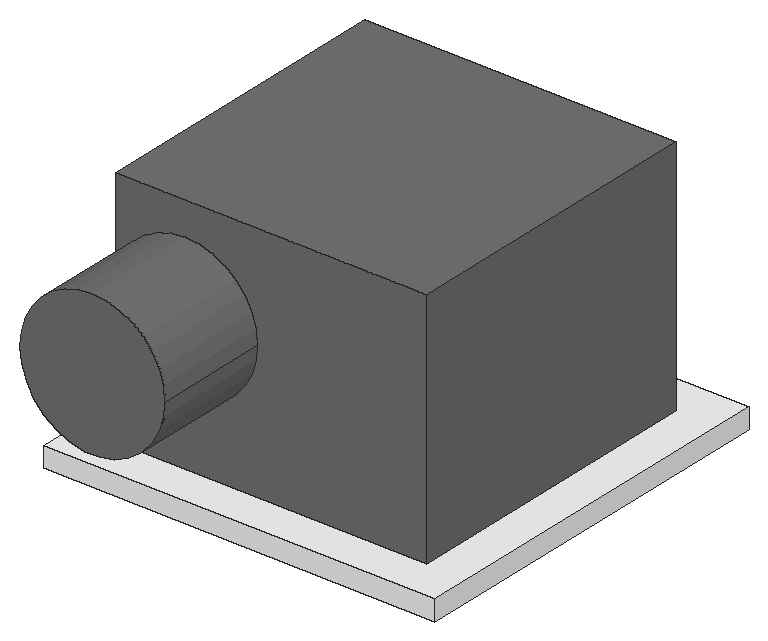
Revit family "vd-10_20zac14_50Hz", category 機械設備, Revit 2019
Family settings
  丸型コネクタ寸法 = 直径を使用
  パーツ タイプ = 標準
  OmniClass 番号 = 23.75.35.17.27
  OmniClass タイトル = Centrifugal Fans
  作業面ベース = いいえ
  常に垂直 = はい
  ロード時にボイドで切り取り = いいえ
  共有 = いいえ
  部屋計算ポイント = はい
Parameters (values of type "VD-20ZAC14")
  騒音レベル(dB(A)) [instance] = 39
  風量 [instance] = 420.0 m³/h
  電源種別 [instance] = ""
  電圧 = 100 V
  電動機出力 = 0 W
  電動機_種別 [instance] = ""
  運転質量 = 0.00 kg
  連動 [instance] = ""
  質量 = if(製品質量 > 運転質量, 製品質量, 運転質量) * 1.2  # 4.68 kg
  負荷分類 = 3_ファン類
  説明 = "人感センサー搭載 ダクト用換気扇 低騒音形"
  設計風量 [instance] = 0.0 m³/h
  設置方法 = "天埋"
  記号 [instance] = ""
  製造元 = "三菱電機株式会社"
  製品質量 = 3.90 kg
  製品出荷対象 = "国内"
  製品リリース年月 = "2024年6月3日"
  製品グループ = ""
  系統 [instance] = ""
  符号 [instance] = if(☑給気／□排気, "FS", "FE")  # "FE"
  積算_科目 = "2 換気設備"
  積算_拾い区分 [instance] = ""
  相 = 1
  盤記号 [instance] = ""
  発停方法 [instance] = ""
  特殊仕様 [instance] = ""
  火災停止 [instance] = ""
  消費電力 = 48 W
  法定耐用年数 = "15"
  機外静圧 [instance] = 0.0 Pa
  極数 = 2
  材質 [instance] = ""
  操作・制御方式 = ""
  操作・制御スイッチ = ""
  排気量 [instance] = if(☑給気／□排気, 0.0 m³/h, 設計風量)  # 0.0 m³/h
  形式 = "天井埋込ダクト形"
  幹線記号 [instance] = ""
  対象室 [instance] = ""
  実風量 [instance] = 0.0 m³/h
  始動方式 [instance] = "直入"
  外気量 [instance] = if(☑給気／□排気, 設計風量, 0.0 m³/h)  # 0.0 m³/h
  呼称 = "天井扇"
  周波数 = 50 Hz
  参照している仕様書等のバージョン = ""
  分類コード = "50052503100030"
  分類グループ = ""
  価格 = 65300
  企業コード = "108420"
  付属品_防振装置 = ""
  付属品 [instance] = ""
  仕様書バージョン = "Version1.0"
  モデル = "VD-20ZAC14"
  マテリアル = 合成樹脂(黒)
  ファンの種類 = ""
  ダクト径 = 150 mm
  コメント [instance] = ""
  Keynote = ""
  カバーマテリアル = 合成樹脂(白)
  ☑給気／□排気 [instance] = no
  Width = 310 mm
  W1 = 390 mm
  Version = ""
  Uniclass2015Version = "Systems v1.9"
  Uniclass2015Title = "Centrifugal fans"
  Uniclass2015Code = "Pr_65_67_29_12"
  URL = "https://www.mitsubishielectric.co.jp/ldg/wink/qr/002/333509/"
  SpecificationReference = ""
  SpecificationDescription = ""
  Revision = ""
  ProductInformation = ""
  OmniClassCode = "23-33 31 19 11 15"
  MIN風量 = 0.0 m³/h
  MIN静圧 = 0.0 Pa
  MID風量 = 0.0 m³/h
  MID静圧 = 0.0 Pa
  MAX風量 = 420.0 m³/h
  MAX静圧 = 0.0 Pa
  IfcTypeProduct = ""
  IfcProduct = ""
  IfcExportType = "PROPELLORAXIAL"
  IfcExportAs = "IfcFanType"
  Height = 240 mm
  H1 = 20 mm
  EAサイズ_D = 144 mm
  Duct_Height = 135 mm
  Duct_Depth = 115 mm
  Duct_Center = 86 mm
  Depth = 310 mm
  D1 = 390 mm
  Author = "三菱電機株式会社"
Types (3, lengths in mm): name | 騒音レベル(dB(A)) | 風量 | 質量 | 製品質量 | 消費電力 | 価格 | モデル | ダクト径 | Width | W1 | URL | MAX風量 | Height | EAサイズ_D | Duct_Height | Duct_Depth | Duct_Center | Depth | D1
  VD-10ZAC14 | 32 | 90.0 m³/h | 1.80 kg | 1.50 kg | 9.5 W | 35200 | "VD-10ZAC14" | 100 | 174 | 250 | "https://www.mitsubishielectric.co.jp/ldg/wink/qr/002/333552/" | 90.0 m³/h | 184 | 98 | 102 | 109 | 0 | 174 | 250
  VD-13ZAC14 | 33 | 125.0 m³/h | 2.04 kg | 1.70 kg | 16.5 W | 38200 | "VD-13ZAC14" | 100 | 204 | 286 | "https://www.mitsubishielectric.co.jp/ldg/wink/qr/002/333576/" | 125.0 m³/h | 195 | 98 | 109 | 109 | 0 | 204 | 286
  VD-20ZAC14 | 39 | 420.0 m³/h | 4.68 kg | 3.90 kg | 48 W | 65300 | "VD-20ZAC14" | 150 | 310 | 390 | "https://www.mitsubishielectric.co.jp/ldg/wink/qr/002/333509/" | 420.0 m³/h | 240 | 144 | 135 | 115 | 86 | 310 | 390
Reference planes
  plane 1 "中心(正面/背面)": y = 0
  plane 2: z = 0
  plane 3 "中心(左/右)": x = 0
  plane 4: x = -195
  plane 5: x = 195
  plane 6: y = 195
  plane 7: y = -195
  plane 8: x = -155
  plane 9: x = 155
  plane 10: y = 155
  plane 11: y = -155
  plane 12: y = -270
  plane 13: z = 240
  plane 14: z = -20
  plane 15: z = 135
  plane 16: x = -86
Forms (mm)
  Extrusion 1, solid, material "合成樹脂(黒)" <- "マテリアル", detail levels fine
    sketch origin (0, 0, 0) x (1, 0, 0) y (0, 1, 0)
      loop
        line (-155, 155) -> (-155, -155) -> (155, -155) -> (155, 155) -> (-155, 155)
    from 0 to 240
  Extrusion 2, solid, material "合成樹脂(白)" <- "カバーマテリアル", detail levels fine
    sketch origin (0, 0, 0) x (1, 0, 0) y (0, 1, 0)
      loop
        line (-195, 195) -> (-195, -195) -> (195, -195) -> (195, 195) -> (-195, 195)
    from 0 to -20
  Extrusion 3, solid, material "合成樹脂(黒)" <- "マテリアル", detail levels fine
    sketch origin (0, 0, 0) x (1, 0, 0) y (0, 0, 1)
      loop
        circle (-86, 135) r 72
    from 155 to 270
Dimensions and locks
  equal spacing: plane 4, plane 3 "中心(左/右)", plane 5
  "W1": plane 4 to plane 5
  equal spacing: plane 6, plane 1 "中心(正面/背面)", plane 7
  "D1": plane 6 to plane 7
  equal spacing: plane 8, plane 3 "中心(左/右)", plane 9
  "Width": plane 8 to plane 9
  equal spacing: plane 10, plane 1 "中心(正面/背面)", plane 11
  "Depth": plane 10 to plane 11
  "Duct_Depth": plane 11 to plane 12
  "Height": plane 13 to plane 2
  "Duct_Height": plane 15 to plane 2
  "H1": plane 2 to plane 14
  "Duct_Center": plane 3 "中心(左/右)" to plane 16
  "EAサイズ_D": diameter of Extrusion 3 sketch curve
  aligned and locked: level to plane 2
  aligned and locked: plane 5 to Extrusion 2
  aligned and locked: plane 6 to Extrusion 2
  aligned and locked: Extrusion 2 to plane 4
  aligned and locked: Extrusion 2 to plane 7
  aligned and locked: plane 9 to Extrusion 1
  aligned and locked: Extrusion 1 to plane 11
  aligned and locked: Extrusion 1 to plane 8
  aligned and locked: plane 10 to Extrusion 1
  aligned and locked: plane 13 to Extrusion 1
  aligned and locked: Extrusion 2 to plane 14
  aligned and locked: level to Extrusion 2
  aligned and locked: Extrusion 1 to level
  aligned and locked: Extrusion 3 to plane 12
  aligned and locked: plane 11 to Extrusion 3
Automatic sketch dimensions
  Extrusion 1 sketch curve to plane 3 "中心(左/右)" = 155 mm
  plane 3 "中心(左/右)" to Extrusion 1 sketch curve = 155 mm
  Extrusion 2 sketch curve to plane 3 "中心(左/右)" = 195 mm
  plane 3 "中心(左/右)" to Extrusion 2 sketch curve = 195 mm
  plane 1 "中心(正面/背面)" to Extrusion 1 sketch curve = 155 mm
  Extrusion 1 sketch curve to plane 1 "中心(正面/背面)" = 155 mm
  plane 1 "中心(正面/背面)" to Extrusion 2 sketch curve = 195 mm
  Extrusion 2 sketch curve to plane 1 "中心(正面/背面)" = 195 mm
  Extrusion 3 sketch curve to plane 15 = 0 mm
  Extrusion 3 sketch curve to plane 16 = 0 mm
Nested families
  nested 1: "記号_天井換気扇_平面" at (0, 0, 0), type "記号_天井換気扇_平面", detail levels coarse+medium
Connectors
  hvac at (-86, -270, 135), driven by "ダクト径", driven by "風量", driven by "機外静圧"
    settings: on Extrusion 3, index 1, duct flow 420.0 m³/h, flow factor 0, pres drop 0.0 Pa, loss coef 0, conn angle 0.00°, conn width 304.8 mm, conn height 304.8 mm, conn diameter 150 mm, duct sys type 3, conn prof type 0, flow config 0, flow direction 2, loss method 4, conn ref index -1, conn util no, is conn primary yes, conn desc ""
  electrical at (0, 0, 240), driven by "極数", driven by "負荷分類", driven by "電圧", driven by "消費電力"
    settings: on Extrusion 1, index 2, voltage 100 V, apparent load 48 VA, apparent load phase1 0 VA, apparent load phase2 0 VA, apparent load phase3 0 VA, power factor 1, load classification "3_ファン類", number of poles 2, system type 30, power factor state 1, is connector primary yes, connector utility no, sub classification motor no, connector description ""
Definition of nested family "記号_天井換気扇_平面"
  Reference planes
    plane 1: y = 0
    plane 2: x = 0
  Lines and regions (mm)
    detail lines
      curve 1: line (-2.5, 2.5, 0) -> (2.5, 2.5, 0)
      curve 2: line (-2.5, -2.5, 0) -> (-2.5, 2.5, 0)
      curve 3: line (2.5, -2.5, 0) -> (-2.5, -2.5, 0)
      curve 4: line (2.5, 2.5, 0) -> (2.5, -2.5, 0)
      curve 5: circle (-1.04, -1.04, 0) r 1.46 normal (0, 0, 1)
      curve 6: circle (1.04, 1.04, 0) r 1.46 normal (0, 0, 1)
      curve 7: line (-3.125, 3.125, 0) -> (3.125, 3.125, 0)
      curve 8: line (-3.125, -3.125, 0) -> (-3.125, 3.125, 0)
      curve 9: line (3.125, -3.125, 0) -> (-3.125, -3.125, 0)
      curve 10: line (3.125, 3.125, 0) -> (3.125, -3.125, 0)
      curve 11: circle (1.295, 1.295, 0) r 1.83 normal (0, 0, 1)
      curve 12: circle (-1.295, -1.295, 0) r 1.83 normal (0, 0, 1)
      curve 13: line (-2, 2, 0) -> (2, 2, 0)
      curve 14: line (-2, -2, 0) -> (-2, 2, 0)
      curve 15: line (2, -2, 0) -> (-2, -2, 0)
      curve 16: line (2, 2, 0) -> (2, -2, 0)
      curve 17: circle (0.84, 0.84, 0) r 1.16 normal (0, 0, 1)
      curve 18: circle (-0.84, -0.84, 0) r 1.2 normal (0, 0, 1)
